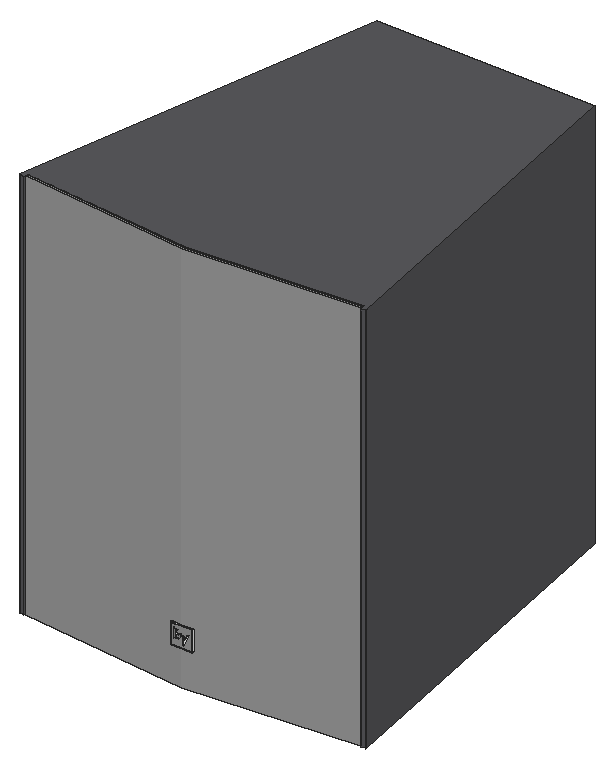
Revit family "EVF-2151D", category Communication Devices, Revit 2017 (continued)
Definition of nested family "InputPanelV"
  Lines and regions (mm)
    model lines, not visible
      curve 126: spline (39.564, -9.5, 61.023) -> (39.573, -9.5, 60.891) -> (39.598, -9.5, 60.761) -> (39.641, -9.5, 60.636) -> (39.699, -9.5, 60.518) -> (39.773, -9.5, 60.408) -> (39.86, -9.5, 60.309) -> (39.959, -9.5, 60.222) -> (40.069, -9.5, 60.149) -> (40.187, -9.5, 60.091) -> (40.312, -9.5, 60.048) -> (40.441, -9.5, 60.022) -> (40.573, -9.5, 60.014)
      curve 127: spline (78.912, -9.5, 85.748) -> (78.904, -9.5, 85.88) -> (78.878, -9.5, 86.01) -> (78.835, -9.5, 86.134) -> (78.777, -9.5, 86.253) -> (78.704, -9.5, 86.363) -> (78.617, -9.5, 86.462) -> (78.518, -9.5, 86.549) -> (78.408, -9.5, 86.622) -> (78.289, -9.5, 86.68) -> (78.164, -9.5, 86.723) -> (78.035, -9.5, 86.749) -> (77.903, -9.5, 86.757)
      curve 128: spline (77.907, -9.5, 60.018) -> (78.038, -9.5, 60.027) -> (78.168, -9.5, 60.053) -> (78.293, -9.5, 60.095) -> (78.411, -9.5, 60.154) -> (78.521, -9.5, 60.227) -> (78.62, -9.5, 60.314) -> (78.707, -9.5, 60.413) -> (78.78, -9.5, 60.523) -> (78.839, -9.5, 60.641) -> (78.881, -9.5, 60.766) -> (78.907, -9.5, 60.896) -> (78.915, -9.5, 61.027)
      curve 129: line (63.979, -9.5, 70.233) -> (63.818, -9.5, 71.221)
      curve 130: line (63.818, -9.5, 71.221) -> (63.359, -9.5, 72.059)
      curve 131: line (63.359, -9.5, 72.059) -> (62.673, -9.5, 72.618)
      curve 132: line (62.673, -9.5, 72.618) -> (61.864, -9.5, 72.815)
      curve 133: line (61.864, -9.5, 72.815) -> (61.054, -9.5, 72.618)
      curve 134: line (61.054, -9.5, 72.618) -> (60.368, -9.5, 72.058)
      curve 135: line (60.368, -9.5, 72.058) -> (59.91, -9.5, 71.221)
      curve 136: line (59.91, -9.5, 71.221) -> (59.749, -9.5, 70.232)
      curve 137: line (59.749, -9.5, 70.232) -> (59.91, -9.5, 69.244)
      curve 138: line (59.91, -9.5, 69.244) -> (60.369, -9.5, 68.407)
      curve 139: line (60.369, -9.5, 68.407) -> (61.055, -9.5, 67.847)
      curve 140: line (61.055, -9.5, 67.847) -> (61.864, -9.5, 67.651)
      curve 141: line (61.864, -9.5, 67.651) -> (62.674, -9.5, 67.847)
      curve 142: line (62.674, -9.5, 67.847) -> (63.36, -9.5, 68.407)
      curve 143: line (63.36, -9.5, 68.407) -> (63.815, -9.5, 69.238)
      curve 144: line (63.818, -9.5, 69.245) -> (64.103, -9.5, 70.233)
      curve 145: line (64.103, -9.5, 70.233) -> (64.794, -9.5, 70.233)
      curve 146: line (64.794, -9.5, 70.233) -> (66.912, -9.5, 70.233)
      curve 147: line (66.912, -9.5, 70.233) -> (66.911, -9.5, 64.008)
      curve 148: line (63.978, -9.5, 82.846) -> (63.817, -9.5, 83.834)
      curve 149: line (63.817, -9.5, 83.834) -> (63.358, -9.5, 84.671)
      curve 150: line (63.358, -9.5, 84.671) -> (62.672, -9.5, 85.231)
      curve 151: line (62.672, -9.5, 85.231) -> (61.862, -9.5, 85.427)
      curve 152: line (61.862, -9.5, 85.427) -> (61.053, -9.5, 85.231)
      curve 153: line (61.053, -9.5, 85.231) -> (60.367, -9.5, 84.671)
      curve 154: line (60.367, -9.5, 84.671) -> (59.908, -9.5, 83.833)
      curve 155: line (59.908, -9.5, 83.833) -> (59.747, -9.5, 82.845)
      curve 156: line (59.747, -9.5, 82.845) -> (59.908, -9.5, 81.857)
      curve 157: line (59.908, -9.5, 81.857) -> (60.367, -9.5, 81.019)
      curve 158: line (60.367, -9.5, 81.019) -> (61.053, -9.5, 80.46)
      curve 159: line (61.053, -9.5, 80.46) -> (61.863, -9.5, 80.263)
      curve 160: line (61.863, -9.5, 80.263) -> (62.672, -9.5, 80.46)
      curve 161: line (62.672, -9.5, 80.46) -> (63.358, -9.5, 81.02)
      curve 162: line (63.358, -9.5, 81.02) -> (63.813, -9.5, 81.851)
      curve 163: line (63.817, -9.5, 81.857) -> (64.101, -9.5, 82.846)
      curve 164: line (64.101, -9.5, 82.846) -> (64.793, -9.5, 82.846)
      curve 165: line (64.793, -9.5, 82.846) -> (66.91, -9.5, 82.846)
      curve 166: line (66.91, -9.5, 82.846) -> (66.909, -9.5, 76.621)
      curve 167: line (63.98, -9.5, 63.927) -> (63.819, -9.5, 64.915)
      curve 168: line (63.819, -9.5, 64.915) -> (63.36, -9.5, 65.752)
      curve 169: line (63.36, -9.5, 65.752) -> (62.674, -9.5, 66.312)
      curve 170: line (62.674, -9.5, 66.312) -> (61.864, -9.5, 66.508)
      curve 171: line (61.864, -9.5, 66.508) -> (61.055, -9.5, 66.312)
      curve 172: line (61.055, -9.5, 66.312) -> (60.369, -9.5, 65.752)
      curve 173: line (60.369, -9.5, 65.752) -> (59.911, -9.5, 64.914)
      curve 174: line (59.911, -9.5, 64.914) -> (59.75, -9.5, 63.926)
      curve 175: line (59.75, -9.5, 63.926) -> (59.911, -9.5, 62.938)
      curve 176: line (59.911, -9.5, 62.938) -> (60.369, -9.5, 62.1)
      curve 177: line (60.369, -9.5, 62.1) -> (61.056, -9.5, 61.541)
      curve 178: line (61.056, -9.5, 61.541) -> (61.865, -9.5, 61.344)
      curve 179: line (61.865, -9.5, 61.344) -> (62.675, -9.5, 61.541)
      curve 180: line (62.675, -9.5, 61.541) -> (63.361, -9.5, 62.101)
      curve 181: line (63.361, -9.5, 62.101) -> (63.815, -9.5, 62.932)
      curve 182: line (63.819, -9.5, 62.938) -> (64.103, -9.5, 63.927)
      curve 183: line (64.103, -9.5, 63.927) -> (64.794, -9.5, 63.927)
      curve 184: line (64.794, -9.5, 63.927) -> (66.912, -9.5, 63.927)
      curve 185: line (66.912, -9.5, 63.927) -> (66.911, -9.5, 60.774)
      curve 186: line (66.911, -9.5, 60.774) -> (65.488, -9.5, 60.774)
      curve 187: line (65.488, -9.5, 60.774) -> (68.6, -9.5, 60.646)
      curve 188: line (68.6, -9.5, 60.646) -> (68.722, -9.5, 60.469)
      curve 189: line (68.722, -9.5, 60.469) -> (65.589, -9.5, 60.469)
      curve 190: line (65.589, -9.5, 60.469) -> (65.467, -9.5, 60.646)
      curve 191: line (63.978, -9.5, 76.539) -> (63.817, -9.5, 77.527)
      curve 192: line (63.817, -9.5, 77.527) -> (63.359, -9.5, 78.365)
      curve 193: line (63.359, -9.5, 78.365) -> (62.672, -9.5, 78.925)
      curve 194: line (62.672, -9.5, 78.925) -> (61.863, -9.5, 79.121)
      curve 195: line (61.863, -9.5, 79.121) -> (61.054, -9.5, 78.924)
      curve 196: line (61.054, -9.5, 78.924) -> (60.367, -9.5, 78.365)
      curve 197: line (60.367, -9.5, 78.365) -> (59.909, -9.5, 77.527)
      curve 198: line (59.909, -9.5, 77.527) -> (59.748, -9.5, 76.539)
      curve 199: line (59.748, -9.5, 76.539) -> (59.909, -9.5, 75.551)
      curve 200: line (59.909, -9.5, 75.551) -> (60.368, -9.5, 74.713)
      curve 201: line (60.368, -9.5, 74.713) -> (61.054, -9.5, 74.153)
      curve 202: line (61.054, -9.5, 74.153) -> (61.864, -9.5, 73.957)
      curve 203: line (61.864, -9.5, 73.957) -> (62.673, -9.5, 74.153)
      curve 204: line (62.673, -9.5, 74.153) -> (63.359, -9.5, 74.713)
      curve 205: line (63.359, -9.5, 74.713) -> (63.814, -9.5, 75.544)
      curve 206: line (63.818, -9.5, 75.551) -> (64.101, -9.5, 76.539)
      curve 207: line (64.101, -9.5, 76.539) -> (64.793, -9.5, 76.539)
      curve 208: line (64.793, -9.5, 76.539) -> (66.91, -9.5, 76.54)
      curve 209: line (66.91, -9.5, 76.54) -> (66.91, -9.5, 70.344)
      curve 210: line (61.049, -9.5, 85.998) -> (60.837, -9.5, 85.998)
      curve 211: line (60.837, -9.5, 85.998) -> (60.837, -9.5, 85.655)
      curve 212: line (60.916, -9.5, 85.517) -> (61.049, -9.5, 85.391)
      curve 213: line (61.049, -9.5, 85.391) -> (61.049, -9.5, 85.998)
      curve 214: line (61.049, -9.5, 85.998) -> (62.676, -9.5, 85.999)
      curve 215: line (62.676, -9.5, 85.999) -> (62.676, -9.5, 85.392)
      curve 216: line (62.676, -9.5, 79.084) -> (62.676, -9.5, 80.299)
      curve 217: line (62.677, -9.5, 72.779) -> (62.677, -9.5, 73.994)
      curve 218: line (62.678, -9.5, 66.472) -> (62.678, -9.5, 67.687)
      curve 219: line (61.052, -9.5, 60.773) -> (60.84, -9.5, 60.773)
      curve 220: line (60.84, -9.5, 60.773) -> (60.84, -9.5, 61.139)
      curve 221: line (60.918, -9.5, 61.255) -> (61.052, -9.5, 61.381)
      curve 222: line (61.052, -9.5, 61.381) -> (61.052, -9.5, 60.773)
      curve 223: line (61.052, -9.5, 60.773) -> (62.679, -9.5, 60.773)
      curve 224: line (62.679, -9.5, 60.773) -> (62.679, -9.5, 61.381)
      curve 225: line (60.839, -9.5, 66.735) -> (60.842, -9.5, 67.413)
      curve 226: line (60.918, -9.5, 67.56) -> (61.051, -9.5, 67.686)
      curve 227: line (61.051, -9.5, 67.686) -> (61.051, -9.5, 66.471)
      curve 228: line (61.051, -9.5, 66.471) -> (60.918, -9.5, 66.598)
      curve 229: line (61.05, -9.5, 72.779) -> (61.05, -9.5, 73.994)
      curve 230: line (61.05, -9.5, 73.994) -> (60.917, -9.5, 73.867)
      curve 231: line (60.838, -9.5, 73.752) -> (60.838, -9.5, 73.043)
      curve 232: line (60.917, -9.5, 72.905) -> (61.05, -9.5, 72.779)
      curve 233: line (60.838, -9.5, 79.348) -> (60.841, -9.5, 80.026)
      curve 234: line (60.916, -9.5, 80.173) -> (61.049, -9.5, 80.299)
      curve 235: line (61.049, -9.5, 80.299) -> (61.049, -9.5, 79.084)
      curve 236: line (61.049, -9.5, 79.084) -> (60.916, -9.5, 79.21)
      curve 237: line (65.486, -9.5, 73.675) -> (63.369, -9.5, 73.675)
      curve 238: line (63.369, -9.5, 73.675) -> (63.369, -9.5, 73.098)
      curve 239: line (63.369, -9.5, 73.098) -> (65.486, -9.5, 73.099)
      curve 240: line (65.486, -9.5, 73.099) -> (65.486, -9.5, 73.675)
      curve 241: line (65.487, -9.5, 67.368) -> (65.487, -9.5, 66.791)
      curve 242: line (65.487, -9.5, 66.791) -> (63.37, -9.5, 66.791)
      curve 243: line (63.37, -9.5, 66.791) -> (63.369, -9.5, 67.367)
      curve 244: line (63.369, -9.5, 67.367) -> (65.487, -9.5, 67.368)
      curve 245: line (65.485, -9.5, 79.98) -> (65.485, -9.5, 79.404)
      curve 246: line (65.485, -9.5, 79.404) -> (63.368, -9.5, 79.404)
      curve 247: line (63.368, -9.5, 79.404) -> (63.368, -9.5, 79.98)
      curve 248: line (63.368, -9.5, 79.98) -> (65.485, -9.5, 79.98)
      curve 249: line (63.37, -9.5, 60.773) -> (65.488, -9.5, 60.774)
      curve 250: line (65.488, -9.5, 60.774) -> (65.488, -9.5, 61.062)
      curve 251: line (65.488, -9.5, 61.062) -> (63.37, -9.5, 61.062)
      curve 252: line (63.37, -9.5, 61.062) -> (63.37, -9.5, 60.773)
      curve 253: line (63.37, -9.5, 60.773) -> (62.679, -9.5, 60.773)
      curve 254: line (62.676, -9.5, 85.999) -> (63.367, -9.5, 85.999)
      curve 255: line (63.367, -9.5, 85.999) -> (63.367, -9.5, 85.711)
      curve 256: line (63.367, -9.5, 85.711) -> (65.485, -9.5, 85.711)
      curve 257: line (65.485, -9.5, 85.711) -> (65.485, -9.5, 85.999)
      curve 258: line (65.485, -9.5, 85.999) -> (63.367, -9.5, 85.999)
      curve 259: line (63.973, -9.5, 63.722) -> (62.18, -9.5, 65.91)
      curve 260: line (62.18, -9.5, 65.91) -> (62.671, -9.5, 66.243)
      curve 261: line (63.973, -9.5, 70.028) -> (62.179, -9.5, 72.217)
      curve 262: line (62.179, -9.5, 72.217) -> (62.67, -9.5, 72.549)
      curve 263: line (63.946, -9.5, 63.467) -> (62.347, -9.5, 65.419)
      curve 264: line (62.347, -9.5, 65.419) -> (61.777, -9.5, 65.419)
      curve 265: line (61.777, -9.5, 65.419) -> (63.815, -9.5, 62.932)
      curve 266: line (63.945, -9.5, 69.773) -> (62.346, -9.5, 71.725)
      curve 267: line (62.346, -9.5, 71.725) -> (61.777, -9.5, 71.725)
      curve 268: line (61.777, -9.5, 71.725) -> (63.815, -9.5, 69.238)
      curve 269: line (63.945, -9.5, 76.08) -> (62.345, -9.5, 78.032)
      curve 270: line (62.345, -9.5, 78.032) -> (61.776, -9.5, 78.031)
      curve 271: line (61.776, -9.5, 78.031) -> (63.814, -9.5, 75.544)
      curve 272: line (63.972, -9.5, 76.334) -> (62.178, -9.5, 78.523)
      curve 273: line (62.178, -9.5, 78.523) -> (62.669, -9.5, 78.856)
      curve 274: line (63.971, -9.5, 82.641) -> (62.178, -9.5, 84.829)
      curve 275: line (62.178, -9.5, 84.829) -> (62.669, -9.5, 85.162)
      curve 276: line (63.944, -9.5, 82.386) -> (62.345, -9.5, 84.338)
      curve 277: line (62.345, -9.5, 84.338) -> (61.775, -9.5, 84.338)
      curve 278: line (61.775, -9.5, 84.338) -> (63.813, -9.5, 81.851)
      curve 279: line (66.909, -9.5, 82.956) -> (66.908, -9.5, 85.999)
      curve 280: line (66.908, -9.5, 85.999) -> (72.332, -9.5, 86)
      curve 281: line (72.332, -9.5, 86) -> (72.335, -9.5, 60.774)
      curve 282: line (72.335, -9.5, 60.774) -> (66.911, -9.5, 60.774)
      curve 283: line (65.485, -9.5, 85.999) -> (66.908, -9.5, 85.999)
      curve 284: line (72.332, -9.5, 86) -> (72.658, -9.5, 86)
      curve 285: line (72.658, -9.5, 86) -> (72.661, -9.5, 60.775)
      curve 286: line (72.661, -9.5, 60.775) -> (72.335, -9.5, 60.774)
      curve 287: line (72.335, -9.5, 60.774) -> (72.464, -9.5, 60.647)
      curve 288: line (72.464, -9.5, 60.647) -> (72.586, -9.5, 60.47)
      curve 289: line (73.116, -9.5, 67.379) -> (73.115, -9.5, 72.891)
      curve 290: line (73.115, -9.5, 72.891) -> (77.33, -9.5, 72.891)
      curve 291: line (77.33, -9.5, 72.891) -> (77.331, -9.5, 67.379)
      curve 292: line (77.331, -9.5, 67.379) -> (73.116, -9.5, 67.379)
      curve 293: line (77.331, -9.5, 66.783) -> (77.332, -9.5, 61.272)
      curve 294: line (77.332, -9.5, 61.272) -> (73.116, -9.5, 61.271)
      curve 295: line (73.116, -9.5, 61.271) -> (73.116, -9.5, 66.783)
      curve 296: line (73.116, -9.5, 66.783) -> (77.331, -9.5, 66.783)
      curve 297: line (72.661, -9.5, 60.775) -> (77.787, -9.5, 60.775)
      curve 298: line (77.787, -9.5, 60.775) -> (77.784, -9.5, 86)
      curve 299: line (77.784, -9.5, 86) -> (72.658, -9.5, 86)
      curve 300: line (73.114, -9.5, 79.991) -> (73.113, -9.5, 85.503)
      curve 301: line (73.113, -9.5, 85.503) -> (77.329, -9.5, 85.504)
      curve 302: line (77.329, -9.5, 85.504) -> (77.329, -9.5, 79.992)
      curve 303: line (77.329, -9.5, 79.992) -> (73.114, -9.5, 79.991)
      curve 304: line (77.329, -9.5, 79.396) -> (77.33, -9.5, 73.884)
      curve 305: line (77.33, -9.5, 73.884) -> (73.115, -9.5, 73.884)
      curve 306: line (73.115, -9.5, 73.884) -> (73.114, -9.5, 79.396)
      curve 307: line (73.114, -9.5, 79.396) -> (77.329, -9.5, 79.396)
      curve 308: line (73.114, -9.5, 81.158) -> (74.522, -9.5, 81.159)
      curve 309: line (74.522, -9.5, 81.159) -> (74.848, -9.5, 80.47)
      curve 310: line (74.848, -9.5, 80.47) -> (75.233, -9.5, 79.992)
      curve 311: line (73.116, -9.5, 68.546) -> (74.524, -9.5, 68.546)
      curve 312: line (74.524, -9.5, 68.546) -> (74.849, -9.5, 67.858)
      curve 313: line (74.849, -9.5, 67.858) -> (75.235, -9.5, 67.379)
      curve 314: line (73.114, -9.5, 78.229) -> (74.523, -9.5, 78.229)
      curve 315: line (74.523, -9.5, 78.229) -> (74.848, -9.5, 78.917)
      curve 316: line (74.848, -9.5, 78.917) -> (75.233, -9.5, 79.396)
      curve 317: line (73.116, -9.5, 65.616) -> (74.524, -9.5, 65.616)
      curve 318: line (74.524, -9.5, 65.616) -> (74.85, -9.5, 66.304)
      curve 319: line (74.85, -9.5, 66.304) -> (75.235, -9.5, 66.783)
      curve 320: line (73.116, -9.5, 62.239) -> (74.525, -9.5, 62.24)
      curve 321: line (74.525, -9.5, 62.24) -> (74.85, -9.5, 61.552)
      curve 322: line (74.85, -9.5, 61.552) -> (75.076, -9.5, 61.271)
      curve 323: line (73.115, -9.5, 74.852) -> (74.523, -9.5, 74.852)
      curve 324: line (74.523, -9.5, 74.852) -> (74.849, -9.5, 74.164)
      curve 325: line (74.849, -9.5, 74.164) -> (75.074, -9.5, 73.884)
      curve 326: line (73.115, -9.5, 71.922) -> (74.524, -9.5, 71.923)
      curve 327: line (74.524, -9.5, 71.923) -> (74.849, -9.5, 72.611)
      curve 328: line (75.074, -9.5, 72.891) -> (74.849, -9.5, 72.611)
      curve 329: line (74.849, -9.5, 72.611) -> (74.849, -9.5, 67.858)
      curve 330: line (73.114, -9.5, 84.535) -> (74.522, -9.5, 84.535)
      curve 331: line (74.522, -9.5, 84.535) -> (74.847, -9.5, 85.223)
      curve 332: line (74.847, -9.5, 85.223) -> (74.848, -9.5, 80.47)
      curve 333: line (75.073, -9.5, 85.503) -> (74.847, -9.5, 85.223)
      curve 334: line (74.524, -9.5, 65.616) -> (74.525, -9.5, 62.24)
      curve 335: line (74.523, -9.5, 78.229) -> (74.523, -9.5, 74.852)
      curve 336: line (74.524, -9.5, 68.546) -> (74.524, -9.5, 71.923)
      curve 337: line (74.522, -9.5, 81.159) -> (74.522, -9.5, 84.535)
      curve 338: line (72.586, -9.5, 60.208) -> (75.719, -9.5, 60.209)
      curve 339: line (75.719, -9.5, 60.209) -> (75.719, -9.5, 60.47)
      curve 340: line (75.719, -9.5, 60.47) -> (72.586, -9.5, 60.47)
      curve 341: line (72.586, -9.5, 60.47) -> (72.586, -9.5, 60.208)
      curve 342: line (72.586, -9.5, 60.208) -> (72.005, -9.5, 60.208)
      curve 343: line (72.005, -9.5, 60.208) -> (72.005, -9.5, 60.47)
      curve 344: line (72.005, -9.5, 60.47) -> (72.127, -9.5, 60.774)
      curve 345: line (72.464, -9.5, 60.647) -> (75.597, -9.5, 60.647)
      curve 346: line (75.597, -9.5, 60.647) -> (75.719, -9.5, 60.47)
      curve 347: line (76.233, -9.5, 66.783) -> (76.233, -9.5, 61.272)
      curve 348: line (76.231, -9.5, 79.396) -> (76.232, -9.5, 73.884)
      curve 349: line (76.232, -9.5, 72.891) -> (76.233, -9.5, 67.379)
      curve 350: line (76.23, -9.5, 85.504) -> (76.231, -9.5, 79.992)
      curve 351: line (74.85, -9.5, 66.304) -> (74.85, -9.5, 61.552)
      curve 352: line (74.848, -9.5, 78.917) -> (74.849, -9.5, 74.164)
      curve 353: line (65.589, -9.5, 60.469) -> (65.589, -9.5, 60.208)
      curve 354: line (65.589, -9.5, 60.208) -> (65.009, -9.5, 60.207)
      curve 355: line (65.009, -9.5, 60.207) -> (65.009, -9.5, 60.469)
      curve 356: line (65.009, -9.5, 60.469) -> (65.131, -9.5, 60.646)
      curve 357: line (65.589, -9.5, 60.208) -> (68.722, -9.5, 60.208)
      curve 358: line (68.722, -9.5, 60.208) -> (68.722, -9.5, 60.469)
      curve 359: line (54.498, -9.5, 76.538) -> (54.659, -9.5, 75.55)
      curve 360: line (54.659, -9.5, 75.55) -> (55.117, -9.5, 74.712)
      curve 361: line (55.117, -9.5, 74.712) -> (55.804, -9.5, 74.153)
      curve 362: line (55.804, -9.5, 74.153) -> (56.613, -9.5, 73.956)
      curve 363: line (56.613, -9.5, 73.956) -> (57.422, -9.5, 74.153)
      curve 364: line (57.422, -9.5, 74.153) -> (58.109, -9.5, 74.713)
      curve 365: line (58.109, -9.5, 74.713) -> (58.567, -9.5, 75.55)
      curve 366: line (58.567, -9.5, 75.55) -> (58.728, -9.5, 76.539)
      curve 367: line (58.728, -9.5, 76.539) -> (58.567, -9.5, 77.527)
      curve 368: line (58.567, -9.5, 77.527) -> (58.108, -9.5, 78.364)
      curve 369: line (58.108, -9.5, 78.364) -> (57.422, -9.5, 78.924)
      curve 370: line (57.422, -9.5, 78.924) -> (56.612, -9.5, 79.12)
      curve 371: line (56.612, -9.5, 79.12) -> (55.803, -9.5, 78.924)
      curve 372: line (55.803, -9.5, 78.924) -> (55.117, -9.5, 78.364)
      curve 373: line (55.117, -9.5, 78.364) -> (54.662, -9.5, 77.533)
      curve 374: line (54.659, -9.5, 77.526) -> (54.374, -9.5, 76.538)
      curve 375: line (54.374, -9.5, 76.538) -> (53.682, -9.5, 76.538)
      curve 376: line (53.682, -9.5, 76.538) -> (51.565, -9.5, 76.538)
      curve 377: line (51.565, -9.5, 76.538) -> (51.566, -9.5, 82.763)
      curve 378: line (54.499, -9.5, 63.925) -> (54.66, -9.5, 62.937)
      curve 379: line (54.66, -9.5, 62.937) -> (55.119, -9.5, 62.1)
      curve 380: line (55.119, -9.5, 62.1) -> (55.805, -9.5, 61.54)
      curve 381: line (55.805, -9.5, 61.54) -> (56.615, -9.5, 61.344)
      curve 382: line (56.615, -9.5, 61.344) -> (57.424, -9.5, 61.54)
      curve 383: line (57.424, -9.5, 61.54) -> (58.11, -9.5, 62.1)
      curve 384: line (58.11, -9.5, 62.1) -> (58.569, -9.5, 62.938)
      curve 385: line (58.569, -9.5, 62.938) -> (58.729, -9.5, 63.926)
      curve 386: line (58.729, -9.5, 63.926) -> (58.568, -9.5, 64.914)
      curve 387: line (58.568, -9.5, 64.914) -> (58.11, -9.5, 65.752)
      curve 388: line (58.11, -9.5, 65.752) -> (57.423, -9.5, 66.311)
      curve 389: line (57.423, -9.5, 66.311) -> (56.614, -9.5, 66.508)
      curve 390: line (56.614, -9.5, 66.508) -> (55.805, -9.5, 66.311)
      curve 391: line (55.805, -9.5, 66.311) -> (55.118, -9.5, 65.751)
      curve 392: line (55.118, -9.5, 65.751) -> (54.664, -9.5, 64.92)
      curve 393: line (54.66, -9.5, 64.914) -> (54.376, -9.5, 63.925)
      curve 394: line (54.376, -9.5, 63.925) -> (53.684, -9.5, 63.925)
      curve 395: line (53.684, -9.5, 63.925) -> (51.566, -9.5, 63.925)
      curve 396: line (51.566, -9.5, 63.925) -> (51.567, -9.5, 70.15)
      curve 397: line (54.497, -9.5, 82.844) -> (54.658, -9.5, 81.856)
      curve 398: line (54.658, -9.5, 81.856) -> (55.117, -9.5, 81.019)
      curve 399: line (55.117, -9.5, 81.019) -> (55.803, -9.5, 80.459)
      curve 400: line (55.803, -9.5, 80.459) -> (56.612, -9.5, 80.263)
      curve 401: line (56.612, -9.5, 80.263) -> (57.422, -9.5, 80.459)
      curve 402: line (57.422, -9.5, 80.459) -> (58.108, -9.5, 81.019)
      curve 403: line (58.108, -9.5, 81.019) -> (58.566, -9.5, 81.857)
      curve 404: line (58.566, -9.5, 81.857) -> (58.727, -9.5, 82.845)
      curve 405: line (58.727, -9.5, 82.845) -> (58.566, -9.5, 83.833)
      curve 406: line (58.566, -9.5, 83.833) -> (58.107, -9.5, 84.671)
      curve 407: line (58.107, -9.5, 84.671) -> (57.421, -9.5, 85.23)
      curve 408: line (57.421, -9.5, 85.23) -> (56.612, -9.5, 85.427)
      curve 409: line (56.612, -9.5, 85.427) -> (55.802, -9.5, 85.23)
      curve 410: line (55.802, -9.5, 85.23) -> (55.116, -9.5, 84.67)
      curve 411: line (55.116, -9.5, 84.67) -> (54.661, -9.5, 83.839)
      curve 412: line (54.658, -9.5, 83.833) -> (54.374, -9.5, 82.844)
      curve 413: line (54.374, -9.5, 82.844) -> (53.682, -9.5, 82.844)
      curve 414: line (53.682, -9.5, 82.844) -> (51.565, -9.5, 82.844)
      curve 415: line (51.565, -9.5, 82.844) -> (51.565, -9.5, 85.997)
      curve 416: line (54.498, -9.5, 70.232) -> (54.66, -9.5, 69.244)
      curve 417: line (54.66, -9.5, 69.244) -> (55.118, -9.5, 68.406)
      curve 418: line (55.118, -9.5, 68.406) -> (55.804, -9.5, 67.846)
      curve 419: line (55.804, -9.5, 67.846) -> (56.614, -9.5, 67.65)
      curve 420: line (56.614, -9.5, 67.65) -> (57.423, -9.5, 67.847)
      curve 421: line (57.423, -9.5, 67.847) -> (58.109, -9.5, 68.406)
      curve 422: line (58.109, -9.5, 68.406) -> (58.568, -9.5, 69.244)
      curve 423: line (58.568, -9.5, 69.244) -> (58.729, -9.5, 70.232)
      curve 424: line (58.729, -9.5, 70.232) -> (58.568, -9.5, 71.22)
      curve 425: line (58.568, -9.5, 71.22) -> (58.109, -9.5, 72.058)
      curve 426: line (58.109, -9.5, 72.058) -> (57.423, -9.5, 72.618)
      curve 427: line (57.423, -9.5, 72.618) -> (56.613, -9.5, 72.814)
      curve 428: line (56.613, -9.5, 72.814) -> (55.804, -9.5, 72.617)
      curve 429: line (55.804, -9.5, 72.617) -> (55.118, -9.5, 72.058)
      curve 430: line (55.118, -9.5, 72.058) -> (54.663, -9.5, 71.227)
      curve 431: line (54.659, -9.5, 71.22) -> (54.376, -9.5, 70.232)
      curve 432: line (54.376, -9.5, 70.232) -> (53.684, -9.5, 70.232)
      curve 433: line (53.684, -9.5, 70.232) -> (51.566, -9.5, 70.231)
      curve 434: line (51.566, -9.5, 70.231) -> (51.567, -9.5, 76.427)
      curve 435: line (57.428, -9.5, 60.773) -> (57.64, -9.5, 60.773)
      curve 436: line (57.64, -9.5, 60.773) -> (57.64, -9.5, 61.116)
      curve 437: line (57.561, -9.5, 61.254) -> (57.428, -9.5, 61.38)
      curve 438: line (57.428, -9.5, 61.38) -> (57.428, -9.5, 60.773)
      curve 439: line (57.428, -9.5, 60.773) -> (55.801, -9.5, 60.772)
      curve 440: line (55.801, -9.5, 60.772) -> (55.801, -9.5, 61.379)
      curve 441: line (55.8, -9.5, 67.687) -> (55.8, -9.5, 66.472)
      curve 442: line (55.8, -9.5, 73.992) -> (55.8, -9.5, 72.777)
      curve 443: line (55.799, -9.5, 80.299) -> (55.799, -9.5, 79.084)
      curve 444: line (57.425, -9.5, 85.998) -> (57.637, -9.5, 85.998)
      curve 445: line (57.637, -9.5, 85.998) -> (57.637, -9.5, 85.632)
      curve 446: line (57.558, -9.5, 85.516) -> (57.425, -9.5, 85.39)
      curve 447: line (57.425, -9.5, 85.39) -> (57.425, -9.5, 85.998)
      curve 448: line (57.425, -9.5, 85.998) -> (55.798, -9.5, 85.998)
      curve 449: line (55.798, -9.5, 85.998) -> (55.798, -9.5, 85.39)
      curve 450: line (57.638, -9.5, 80.036) -> (57.634, -9.5, 79.358)
      curve 451: line (57.559, -9.5, 79.211) -> (57.426, -9.5, 79.085)
      curve 452: line (57.426, -9.5, 79.085) -> (57.426, -9.5, 80.3)
      curve 453: line (57.426, -9.5, 80.3) -> (57.559, -9.5, 80.173)
      curve 454: line (57.427, -9.5, 73.992) -> (57.427, -9.5, 72.777)
      curve 455: line (57.427, -9.5, 72.777) -> (57.56, -9.5, 72.903)
      curve 456: line (57.638, -9.5, 73.019) -> (57.638, -9.5, 73.728)
      curve 457: line (57.56, -9.5, 73.866) -> (57.427, -9.5, 73.992)
      curve 458: line (57.639, -9.5, 67.423) -> (57.636, -9.5, 66.745)
      curve 459: line (57.561, -9.5, 66.598) -> (57.428, -9.5, 66.472)
      curve 460: line (57.428, -9.5, 66.472) -> (57.427, -9.5, 67.687)
      curve 461: line (57.427, -9.5, 67.687) -> (57.561, -9.5, 67.561)
      curve 462: line (52.991, -9.5, 73.096) -> (55.108, -9.5, 73.096)
      curve 463: line (55.108, -9.5, 73.096) -> (55.108, -9.5, 73.673)
      curve 464: line (55.108, -9.5, 73.673) -> (52.991, -9.5, 73.672)
      curve 465: line (52.991, -9.5, 73.672) -> (52.991, -9.5, 73.096)
      curve 466: line (52.99, -9.5, 79.403) -> (52.99, -9.5, 79.98)
      curve 467: line (52.99, -9.5, 79.98) -> (55.107, -9.5, 79.98)
      curve 468: line (55.107, -9.5, 79.98) -> (55.107, -9.5, 79.404)
      curve 469: line (55.107, -9.5, 79.404) -> (52.99, -9.5, 79.403)
      curve 470: line (52.991, -9.5, 66.791) -> (52.991, -9.5, 67.367)
      curve 471: line (52.991, -9.5, 67.367) -> (55.109, -9.5, 67.367)
      curve 472: line (55.109, -9.5, 67.367) -> (55.109, -9.5, 66.791)
      curve 473: line (55.109, -9.5, 66.791) -> (52.991, -9.5, 66.791)
      curve 474: line (55.107, -9.5, 85.998) -> (52.989, -9.5, 85.997)
      curve 475: line (52.989, -9.5, 85.997) -> (52.989, -9.5, 85.709)
      curve 476: line (52.989, -9.5, 85.709) -> (55.107, -9.5, 85.709)
      curve 477: line (55.107, -9.5, 85.709) -> (55.107, -9.5, 85.998)
      curve 478: line (55.107, -9.5, 85.998) -> (55.798, -9.5, 85.998)
      curve 479: line (55.801, -9.5, 60.772) -> (55.11, -9.5, 60.772)
      curve 480: line (55.11, -9.5, 60.772) -> (55.11, -9.5, 61.06)
      curve 481: line (55.11, -9.5, 61.06) -> (52.992, -9.5, 61.06)
      curve 482: line (52.992, -9.5, 61.06) -> (52.992, -9.5, 60.772)
      curve 483: line (52.992, -9.5, 60.772) -> (55.11, -9.5, 60.772)
      curve 484: line (54.504, -9.5, 76.743) -> (56.298, -9.5, 74.554)
      curve 485: line (56.298, -9.5, 74.554) -> (55.807, -9.5, 74.222)
      curve 486: line (54.503, -9.5, 83.049) -> (56.297, -9.5, 80.86)
      curve 487: line (56.297, -9.5, 80.86) -> (55.806, -9.5, 80.528)
      curve 488: line (54.531, -9.5, 76.998) -> (56.131, -9.5, 75.046)
      curve 489: line (56.131, -9.5, 75.046) -> (56.7, -9.5, 75.046)
      curve 490: line (56.7, -9.5, 75.046) -> (54.662, -9.5, 77.533)
      curve 491: line (54.531, -9.5, 83.304) -> (56.13, -9.5, 81.352)
      curve 492: line (56.13, -9.5, 81.352) -> (56.699, -9.5, 81.352)
      curve 493: line (56.699, -9.5, 81.352) -> (54.661, -9.5, 83.839)
      curve 494: line (54.505, -9.5, 70.437) -> (56.298, -9.5, 68.248)
      curve 495: line (56.298, -9.5, 68.248) -> (55.807, -9.5, 67.915)
      curve 496: line (54.506, -9.5, 64.13) -> (56.299, -9.5, 61.942)
      curve 497: line (56.299, -9.5, 61.942) -> (55.808, -9.5, 61.609)
      curve 498: line (54.533, -9.5, 64.385) -> (56.132, -9.5, 62.433)
      curve 499: line (56.132, -9.5, 62.433) -> (56.702, -9.5, 62.433)
      curve 500: line (56.702, -9.5, 62.433) -> (54.664, -9.5, 64.92)
      curve 501: line (54.532, -9.5, 70.691) -> (56.131, -9.5, 68.739)
      curve 502: line (56.131, -9.5, 68.739) -> (56.701, -9.5, 68.739)
      curve 503: line (56.701, -9.5, 68.739) -> (54.663, -9.5, 71.227)
      curve 504: line (51.568, -9.5, 63.815) -> (51.568, -9.5, 60.772)
      curve 505: line (51.568, -9.5, 60.772) -> (46.145, -9.5, 60.771)
      curve 506: line (46.145, -9.5, 60.771) -> (46.141, -9.5, 85.996)
      curve 507: line (46.141, -9.5, 85.996) -> (51.565, -9.5, 85.997)
      curve 508: line (51.565, -9.5, 85.997) -> (52.989, -9.5, 85.997)
      curve 509: line (52.989, -9.5, 85.997) -> (49.876, -9.5, 86.125)
      curve 510: line (49.876, -9.5, 86.125) -> (49.754, -9.5, 86.302)
      curve 511: line (52.992, -9.5, 60.772) -> (51.568, -9.5, 60.772)
      curve 512: line (45.361, -9.5, 79.392) -> (45.362, -9.5, 73.88)
      curve 513: line (45.362, -9.5, 73.88) -> (41.147, -9.5, 73.88)
      curve 514: line (41.147, -9.5, 73.88) -> (41.146, -9.5, 79.392)
      curve 515: line (41.146, -9.5, 79.392) -> (45.361, -9.5, 79.392)
      curve 516: line (41.146, -9.5, 79.988) -> (41.145, -9.5, 85.499)
      curve 517: line (41.145, -9.5, 85.499) -> (45.36, -9.5, 85.5)
      curve 518: line (45.36, -9.5, 85.5) -> (45.361, -9.5, 79.988)
      curve 519: line (45.361, -9.5, 79.988) -> (41.146, -9.5, 79.988)
      curve 520: line (45.819, -9.5, 60.771) -> (45.816, -9.5, 85.996)
      curve 521: line (45.816, -9.5, 85.996) -> (40.689, -9.5, 85.996)
      curve 522: line (40.689, -9.5, 85.996) -> (40.692, -9.5, 60.771)
      curve 523: line (40.692, -9.5, 60.771) -> (45.819, -9.5, 60.771)
      curve 524: line (45.819, -9.5, 60.771) -> (46.145, -9.5, 60.771)
      curve 525: line (45.363, -9.5, 66.78) -> (45.363, -9.5, 61.268)
      curve 526: line (45.363, -9.5, 61.268) -> (41.148, -9.5, 61.267)
      curve 527: line (41.148, -9.5, 61.267) -> (41.147, -9.5, 66.779)
      curve 528: line (41.147, -9.5, 66.779) -> (45.363, -9.5, 66.78)
      curve 529: line (41.147, -9.5, 67.375) -> (41.147, -9.5, 72.887)
      curve 530: line (41.147, -9.5, 72.887) -> (45.362, -9.5, 72.887)
      curve 531: line (45.362, -9.5, 72.887) -> (45.363, -9.5, 67.375)
      curve 532: line (45.363, -9.5, 67.375) -> (41.147, -9.5, 67.375)
      curve 533: line (45.816, -9.5, 85.996) -> (46.141, -9.5, 85.996)
      curve 534: line (46.141, -9.5, 85.996) -> (42.88, -9.5, 86.124)
      curve 535: line (42.88, -9.5, 86.124) -> (42.758, -9.5, 86.301)
      curve 536: line (42.758, -9.5, 86.301) -> (45.891, -9.5, 86.301)
      curve 537: line (45.891, -9.5, 86.301) -> (46.013, -9.5, 86.124)
      curve 538: line (45.361, -9.5, 78.225) -> (43.953, -9.5, 78.225)
      curve 539: line (43.953, -9.5, 78.225) -> (43.627, -9.5, 78.913)
      curve 540: line (43.627, -9.5, 78.913) -> (43.242, -9.5, 79.392)
      curve 541: line (45.363, -9.5, 65.613) -> (43.954, -9.5, 65.612)
      curve 542: line (43.954, -9.5, 65.612) -> (43.629, -9.5, 66.3)
      curve 543: line (43.629, -9.5, 66.3) -> (43.244, -9.5, 66.779)
      curve 544: line (45.362, -9.5, 68.542) -> (43.954, -9.5, 68.542)
      curve 545: line (43.954, -9.5, 68.542) -> (43.629, -9.5, 67.854)
      curve 546: line (43.629, -9.5, 67.854) -> (43.244, -9.5, 67.375)
      curve 547: line (45.361, -9.5, 81.155) -> (43.952, -9.5, 81.155)
      curve 548: line (43.952, -9.5, 81.155) -> (43.627, -9.5, 80.467)
      curve 549: line (43.627, -9.5, 80.467) -> (43.242, -9.5, 79.988)
      curve 550: line (45.362, -9.5, 71.919) -> (43.954, -9.5, 71.919)
      curve 551: line (43.954, -9.5, 71.919) -> (43.628, -9.5, 72.607)
      curve 552: line (43.628, -9.5, 72.607) -> (43.403, -9.5, 72.887)
      curve 553: line (45.361, -9.5, 84.532) -> (43.952, -9.5, 84.531)
      curve 554: line (43.952, -9.5, 84.531) -> (43.627, -9.5, 85.219)
      curve 555: line (43.627, -9.5, 85.219) -> (43.401, -9.5, 85.5)
      curve 556: line (45.362, -9.5, 74.849) -> (43.953, -9.5, 74.848)
      curve 557: line (43.953, -9.5, 74.848) -> (43.628, -9.5, 74.16)
      curve 558: line (43.403, -9.5, 73.88) -> (43.628, -9.5, 74.16)
      curve 559: line (43.628, -9.5, 74.16) -> (43.627, -9.5, 78.913)
      curve 560: line (45.363, -9.5, 62.236) -> (43.955, -9.5, 62.236)
      curve 561: line (43.955, -9.5, 62.236) -> (43.629, -9.5, 61.548)
      curve 562: line (43.629, -9.5, 61.548) -> (43.629, -9.5, 66.3)
      curve 563: line (43.404, -9.5, 61.267) -> (43.629, -9.5, 61.548)
      curve 564: line (43.954, -9.5, 68.542) -> (43.954, -9.5, 71.919)
      curve 565: line (43.952, -9.5, 81.155) -> (43.952, -9.5, 84.531)
      curve 566: line (43.954, -9.5, 65.612) -> (43.955, -9.5, 62.236)
      curve 567: line (43.953, -9.5, 78.225) -> (43.953, -9.5, 74.848)
      curve 568: line (45.891, -9.5, 86.301) -> (45.891, -9.5, 86.563)
      curve 569: line (45.891, -9.5, 86.563) -> (42.758, -9.5, 86.562)
      curve 570: line (42.758, -9.5, 86.562) -> (42.758, -9.5, 86.301)
      curve 571: line (45.891, -9.5, 86.563) -> (46.472, -9.5, 86.563)
      curve 572: line (46.472, -9.5, 86.563) -> (46.472, -9.5, 86.301)
      curve 573: line (46.472, -9.5, 86.301) -> (46.35, -9.5, 86.124)
      curve 574: line (42.244, -9.5, 79.988) -> (42.243, -9.5, 85.499)
      curve 575: line (42.246, -9.5, 67.375) -> (42.245, -9.5, 72.887)
      curve 576: line (42.246, -9.5, 61.267) -> (42.246, -9.5, 66.779)
      curve 577: line (42.245, -9.5, 73.88) -> (42.244, -9.5, 79.392)
      curve 578: line (43.629, -9.5, 67.854) -> (43.628, -9.5, 72.607)
      curve 579: line (43.627, -9.5, 80.467) -> (43.627, -9.5, 85.219)
      curve 580: line (52.887, -9.5, 86.302) -> (53.009, -9.5, 86.125)
      curve 581: line (52.887, -9.5, 86.563) -> (52.887, -9.5, 86.302)
      curve 582: line (52.887, -9.5, 86.302) -> (49.754, -9.5, 86.302)
      curve 583: line (49.754, -9.5, 86.302) -> (49.754, -9.5, 86.563)
      curve 584: line (49.754, -9.5, 86.563) -> (52.887, -9.5, 86.563)
      curve 585: line (52.887, -9.5, 86.563) -> (53.468, -9.5, 86.563)
      curve 586: line (53.468, -9.5, 86.563) -> (53.468, -9.5, 86.302)
      curve 587: line (53.468, -9.5, 86.302) -> (53.346, -9.5, 86.125)
      curve 588: line (78.97, -9.5, 60.972) -> (78.967, -9.5, 85.803)
      curve 589: line (78.912, -9.5, 85.748) -> (78.915, -9.5, 61.027)
      curve 590: line (77.958, -9.5, 86.812) -> (40.515, -9.5, 86.808)
      curve 591: line (40.57, -9.5, 86.753) -> (77.903, -9.5, 86.757)
      curve 592: line (39.506, -9.5, 85.799) -> (39.509, -9.5, 60.968)
      curve 593: line (39.509, -9.5, 60.97) -> (39.561, -9.5, 85.744)
      curve 594: line (40.518, -9.5, 59.959) -> (77.962, -9.5, 59.963)
      curve 595: line (77.907, -9.5, 60.018) -> (40.573, -9.5, 60.014)
      curve 596: line (61.368, -9.5, 70.233) -> (59.749, -9.5, 70.232)
      curve 597: line (59.749, -9.5, 70.232) -> (59.415, -9.5, 70.232)
      curve 598: line (61.369, -9.5, 63.926) -> (59.75, -9.5, 63.926)
      curve 599: line (59.75, -9.5, 63.926) -> (59.417, -9.5, 63.926)
      curve 600: line (61.367, -9.5, 76.539) -> (59.748, -9.5, 76.539)
      curve 601: line (59.748, -9.5, 76.539) -> (59.415, -9.5, 76.539)
      curve 602: line (61.367, -9.5, 82.845) -> (59.747, -9.5, 82.845)
      curve 603: line (59.747, -9.5, 82.845) -> (59.414, -9.5, 82.845)
      curve 604: line (57.109, -9.5, 76.538) -> (58.728, -9.5, 76.539)
      curve 605: line (58.728, -9.5, 76.539) -> (59.062, -9.5, 76.539)
      curve 606: line (57.108, -9.5, 82.845) -> (58.727, -9.5, 82.845)
      curve 607: line (58.727, -9.5, 82.845) -> (59.06, -9.5, 82.845)
      curve 608: line (57.109, -9.5, 70.232) -> (58.729, -9.5, 70.232)
      curve 609: line (58.729, -9.5, 70.232) -> (59.062, -9.5, 70.232)
      curve 610: line (57.11, -9.5, 63.926) -> (58.729, -9.5, 63.926)
      curve 611: line (58.729, -9.5, 63.926) -> (59.063, -9.5, 63.926)
    model lines
      curve 612: arc (9.156, -4.337, 86.891) -> (7.56, -4.337, 86.55) -> (6.356, -4.337, 85.448) r 3.109
      curve 613: arc (21.769, -4.337, 86.892) -> (20.172, -4.337, 86.552) -> (18.969, -4.337, 85.449) r 3.109
      curve 614: arc (2.85, -4.337, 86.889) -> (1.264, -4.337, 86.554) -> (0.063, -4.337, 85.466) r 3.108
      curve 615: arc (15.462, -4.337, 86.891) -> (13.877, -4.337, 86.556) -> (12.676, -4.337, 85.468) r 3.108
      curve 616: arc (11.869, -4.337, 85.595) -> (10.676, -4.337, 86.586) -> (9.156, -4.337, 86.892) r 3.166
      curve 617: arc (24.481, -4.337, 85.596) -> (23.289, -4.337, 86.588) -> (21.769, -4.337, 86.894) r 3.166
      curve 618: arc (5.561, -4.337, 85.594) -> (4.369, -4.337, 86.585) -> (2.85, -4.337, 86.891) r 3.165
      curve 619: arc (18.174, -4.337, 85.596) -> (16.982, -4.337, 86.586) -> (15.462, -4.337, 86.892) r 3.165
      curve 620: arc (15.462, -4.337, 87.244) -> (17.059, -4.337, 87.585) -> (18.263, -4.337, 88.687) r 3.109
      curve 621: arc (2.85, -4.337, 87.243) -> (4.446, -4.337, 87.583) -> (5.65, -4.337, 88.686) r 3.109
      curve 622: arc (21.769, -4.337, 87.246) -> (23.354, -4.337, 87.581) -> (24.556, -4.337, 88.669) r 3.108
      curve 623: arc (9.156, -4.337, 87.244) -> (10.742, -4.337, 87.58) -> (11.943, -4.337, 88.668) r 3.108
      curve 624: arc (12.75, -4.337, 88.541) -> (13.942, -4.337, 87.549) -> (15.462, -4.337, 87.243) r 3.166
      curve 625: arc (0.137, -4.337, 88.539) -> (1.33, -4.337, 87.548) -> (2.85, -4.337, 87.241) r 3.166
      curve 626: arc (19.058, -4.337, 88.541) -> (20.249, -4.337, 87.55) -> (21.769, -4.337, 87.244) r 3.165
      curve 627: arc (6.445, -4.337, 88.539) -> (7.637, -4.337, 87.549) -> (9.156, -4.337, 87.243) r 3.165
      curve 628: arc (6.61, -4.337, 83.628) -> (7.681, -4.337, 82.554) -> (9.157, -4.337, 82.203) r 2.775
      curve 629: arc (6.291, -4.337, 82.936) -> (7.544, -4.337, 81.862) -> (9.157, -4.337, 81.512) r 3.371
      curve 630: arc (6.61, -4.337, 83.628) -> (6.398, -4.337, 83.307) -> (6.291, -4.337, 82.936) r 1.273
      curve 631: arc (19.223, -4.337, 83.63) -> (20.294, -4.337, 82.556) -> (21.769, -4.337, 82.205) r 2.775
      curve 632: arc (18.904, -4.337, 82.938) -> (20.157, -4.337, 81.864) -> (21.769, -4.337, 81.513) r 3.371
      curve 633: arc (19.223, -4.337, 83.63) -> (19.011, -4.337, 83.308) -> (18.904, -4.337, 82.938) r 1.273
      curve 634: arc (0.305, -4.337, 83.627) -> (1.376, -4.337, 82.554) -> (2.85, -4.337, 82.203) r 2.774
      curve 635: arc (-0.014, -4.337, 82.936) -> (1.238, -4.337, 81.862) -> (2.851, -4.337, 81.512) r 3.37
      curve 636: arc (0.305, -4.337, 83.627) -> (0.093, -4.337, 83.306) -> (-0.014, -4.337, 82.936) r 1.273
      curve 637: arc (12.918, -4.337, 83.629) -> (13.988, -4.337, 82.555) -> (15.463, -4.337, 82.205) r 2.774
      curve 638: arc (12.599, -4.337, 82.937) -> (13.851, -4.337, 81.864) -> (15.463, -4.337, 81.513) r 3.37
      curve 639: arc (12.918, -4.337, 83.629) -> (12.705, -4.337, 83.307) -> (12.599, -4.337, 82.937) r 1.273
      curve 640: arc (9.157, -4.337, 82.203) -> (10.632, -4.337, 82.554) -> (11.703, -4.337, 83.629) r 2.775
      curve 641: arc (12.022, -4.337, 82.937) -> (11.915, -4.337, 83.307) -> (11.703, -4.337, 83.629) r 1.273
      curve 642: arc (9.157, -4.337, 81.512) -> (10.769, -4.337, 81.863) -> (12.022, -4.337, 82.937) r 3.371
      curve 643: arc (21.769, -4.337, 82.205) -> (23.245, -4.337, 82.556) -> (24.315, -4.337, 83.63) r 2.775
      curve 644: arc (24.635, -4.337, 82.939) -> (24.528, -4.337, 83.309) -> (24.315, -4.337, 83.63) r 1.273
      curve 645: arc (21.769, -4.337, 81.513) -> (23.382, -4.337, 81.864) -> (24.635, -4.337, 82.939) r 3.371
      curve 646: arc (2.85, -4.337, 82.203) -> (4.325, -4.337, 82.554) -> (5.395, -4.337, 83.628) r 2.774
      curve 647: arc (5.715, -4.337, 82.936) -> (5.608, -4.337, 83.307) -> (5.395, -4.337, 83.628) r 1.273
      curve 648: arc (2.851, -4.337, 81.512) -> (4.463, -4.337, 81.862) -> (5.715, -4.337, 82.936) r 3.37
      curve 649: arc (15.463, -4.337, 82.205) -> (16.938, -4.337, 82.556) -> (18.008, -4.337, 83.63) r 2.774
      curve 650: arc (18.327, -4.337, 82.938) -> (18.221, -4.337, 83.308) -> (18.008, -4.337, 83.63) r 1.273
      curve 651: arc (15.463, -4.337, 81.513) -> (17.075, -4.337, 81.864) -> (18.327, -4.337, 82.938) r 3.37
      curve 652: arc (2.85, -4.337, 86.679) -> (1.375, -4.337, 86.328) -> (0.305, -4.337, 85.254) r 2.774
      curve 653: arc (5.395, -4.337, 85.255) -> (4.325, -4.337, 86.329) -> (2.85, -4.337, 86.679) r 2.774
      curve 654: arc (9.156, -4.337, 86.681) -> (7.681, -4.337, 86.33) -> (6.61, -4.337, 85.255) r 2.775
      curve 655: arc (11.703, -4.337, 85.256) -> (10.632, -4.337, 86.33) -> (9.156, -4.337, 86.681) r 2.775
      curve 656: arc (15.463, -4.337, 86.681) -> (13.988, -4.337, 86.33) -> (12.917, -4.337, 85.256) r 2.774
      curve 657: arc (18.008, -4.337, 85.257) -> (16.937, -4.337, 86.33) -> (15.463, -4.337, 86.681) r 2.774
      curve 658: arc (21.769, -4.337, 86.682) -> (20.293, -4.337, 86.331) -> (19.223, -4.337, 85.257) r 2.775
      curve 659: arc (24.315, -4.337, 85.257) -> (23.244, -4.337, 86.331) -> (21.769, -4.337, 86.682) r 2.775
      curve 660: arc (6.291, -4.337, 80.819) -> (7.494, -4.337, 79.769) -> (9.047, -4.337, 79.396) r 3.348
      curve 661: arc (18.904, -4.337, 80.821) -> (20.107, -4.337, 79.771) -> (21.659, -4.337, 79.397) r 3.348
      curve 662: arc (9.268, -4.337, 79.396) -> (10.82, -4.337, 79.77) -> (12.022, -4.337, 80.82) r 3.348
      curve 663: arc (21.88, -4.337, 79.397) -> (23.432, -4.337, 79.771) -> (24.635, -4.337, 80.821) r 3.348
      curve 664: arc (-0.014, -4.337, 80.818) -> (1.202, -4.337, 79.762) -> (2.769, -4.337, 79.395) r 3.353
      curve 665: arc (12.599, -4.337, 80.82) -> (13.814, -4.337, 79.764) -> (15.382, -4.337, 79.397) r 3.353
      curve 666: arc (2.932, -4.337, 79.395) -> (4.5, -4.337, 79.763) -> (5.715, -4.337, 80.819) r 3.353
      curve 667: arc (15.545, -4.337, 79.397) -> (17.112, -4.337, 79.764) -> (18.328, -4.337, 80.821) r 3.353
      curve 668: arc (9.156, -4.337, 84.938) -> (7.784, -4.337, 84.605) -> (6.815, -4.337, 83.578) r 2.482
      curve 669: arc (2.85, -4.337, 84.937) -> (1.478, -4.337, 84.604) -> (0.509, -4.337, 83.577) r 2.482
      curve 670: arc (4.343, -4.337, 84.529) -> (3.625, -4.337, 84.836) -> (2.85, -4.337, 84.937) r 2.857
      curve 671: arc (4.501, -4.337, 83.853) -> (4.423, -4.337, 83.907) -> (4.343, -4.337, 83.959) r 2.446
      curve 672: arc (10.649, -4.337, 84.529) -> (9.931, -4.337, 84.837) -> (9.156, -4.337, 84.938) r 2.857
      curve 673: arc (10.807, -4.337, 83.854) -> (10.729, -4.337, 83.908) -> (10.649, -4.337, 83.96) r 2.446
      curve 674: arc (15.463, -4.337, 84.938) -> (14.091, -4.337, 84.606) -> (13.122, -4.337, 83.579) r 2.482
      curve 675: arc (21.769, -4.337, 84.939) -> (20.397, -4.337, 84.607) -> (19.428, -4.337, 83.579) r 2.482
      curve 676: arc (16.955, -4.337, 84.53) -> (16.237, -4.337, 84.837) -> (15.463, -4.337, 84.938) r 2.857
      curve 677: arc (17.114, -4.337, 83.854) -> (17.036, -4.337, 83.909) -> (16.955, -4.337, 83.961) r 2.446
      curve 678: arc (23.262, -4.337, 84.531) -> (22.543, -4.337, 84.838) -> (21.769, -4.337, 84.939) r 2.857
      curve 679: arc (23.42, -4.337, 83.855) -> (23.342, -4.337, 83.91) -> (23.262, -4.337, 83.961) r 2.446
      curve 680: arc (18.008, -4.337, 90.507) -> (16.937, -4.337, 91.581) -> (15.462, -4.337, 91.932) r 2.775
      curve 681: arc (18.327, -4.337, 91.199) -> (17.074, -4.337, 92.273) -> (15.462, -4.337, 92.623) r 3.371
      curve 682: arc (18.008, -4.337, 90.507) -> (18.221, -4.337, 90.828) -> (18.327, -4.337, 91.199) r 1.273
      curve 683: arc (5.396, -4.337, 90.505) -> (4.325, -4.337, 91.58) -> (2.849, -4.337, 91.93) r 2.775
      curve 684: arc (5.715, -4.337, 91.197) -> (4.462, -4.337, 92.271) -> (2.849, -4.337, 92.622) r 3.371
      curve 685: arc (5.396, -4.337, 90.505) -> (5.608, -4.337, 90.827) -> (5.715, -4.337, 91.197) r 1.273
      curve 686: arc (24.314, -4.337, 90.508) -> (23.243, -4.337, 91.581) -> (21.768, -4.337, 91.932) r 2.774
      curve 687: arc (24.633, -4.337, 91.199) -> (23.38, -4.337, 92.273) -> (21.768, -4.337, 92.624) r 3.37
      curve 688: arc (24.314, -4.337, 90.508) -> (24.526, -4.337, 90.829) -> (24.633, -4.337, 91.199) r 1.273
      curve 689: arc (11.701, -4.337, 90.506) -> (10.631, -4.337, 91.58) -> (9.156, -4.337, 91.93) r 2.774
      curve 690: arc (12.02, -4.337, 91.198) -> (10.768, -4.337, 92.272) -> (9.155, -4.337, 92.622) r 3.37
      curve 691: arc (11.701, -4.337, 90.506) -> (11.913, -4.337, 90.828) -> (12.02, -4.337, 91.198) r 1.273
      curve 692: arc (15.462, -4.337, 91.932) -> (13.986, -4.337, 91.581) -> (12.916, -4.337, 90.506) r 2.775
      curve 693: arc (12.597, -4.337, 91.198) -> (12.703, -4.337, 90.828) -> (12.916, -4.337, 90.506) r 1.273
      curve 694: arc (15.462, -4.337, 92.623) -> (13.849, -4.337, 92.272) -> (12.597, -4.337, 91.198) r 3.371
      curve 695: arc (2.849, -4.337, 91.93) -> (1.374, -4.337, 91.579) -> (0.303, -4.337, 90.505) r 2.775
      curve 696: arc (-0.016, -4.337, 91.196) -> (0.091, -4.337, 90.826) -> (0.303, -4.337, 90.505) r 1.273
      curve 697: arc (2.849, -4.337, 92.622) -> (1.237, -4.337, 92.271) -> (-0.016, -4.337, 91.196) r 3.371
      curve 698: arc (21.768, -4.337, 91.932) -> (20.293, -4.337, 91.581) -> (19.223, -4.337, 90.507) r 2.774
      curve 699: arc (18.904, -4.337, 91.199) -> (19.011, -4.337, 90.829) -> (19.223, -4.337, 90.507) r 1.273
      curve 700: arc (21.768, -4.337, 92.624) -> (20.156, -4.337, 92.273) -> (18.904, -4.337, 91.199) r 3.37
      curve 701: arc (9.156, -4.337, 91.93) -> (7.681, -4.337, 91.579) -> (6.611, -4.337, 90.506) r 2.774
      curve 702: arc (6.291, -4.337, 91.197) -> (6.398, -4.337, 90.827) -> (6.611, -4.337, 90.506) r 1.273
      curve 703: arc (9.155, -4.337, 92.622) -> (7.543, -4.337, 92.271) -> (6.291, -4.337, 91.197) r 3.37
      curve 704: arc (21.769, -4.337, 87.456) -> (23.244, -4.337, 87.807) -> (24.314, -4.337, 88.881) r 2.774
      curve 705: arc (19.223, -4.337, 88.88) -> (20.294, -4.337, 87.807) -> (21.769, -4.337, 87.456) r 2.774
      curve 706: arc (15.462, -4.337, 87.454) -> (16.938, -4.337, 87.806) -> (18.008, -4.337, 88.88) r 2.775
      curve 707: arc (12.916, -4.337, 88.879) -> (13.987, -4.337, 87.805) -> (15.462, -4.337, 87.454) r 2.775
      curve 708: arc (9.156, -4.337, 87.454) -> (10.631, -4.337, 87.805) -> (11.701, -4.337, 88.879) r 2.774
      curve 709: arc (6.611, -4.337, 88.879) -> (7.681, -4.337, 87.805) -> (9.156, -4.337, 87.454) r 2.774
      curve 710: arc (2.85, -4.337, 87.453) -> (4.325, -4.337, 87.804) -> (5.396, -4.337, 88.878) r 2.775
      curve 711: arc (0.303, -4.337, 88.878) -> (1.374, -4.337, 87.804) -> (2.85, -4.337, 87.453) r 2.775
      curve 712: arc (18.327, -4.337, 93.316) -> (17.124, -4.337, 94.366) -> (15.572, -4.337, 94.739) r 3.348
      curve 713: arc (5.715, -4.337, 93.315) -> (4.512, -4.337, 94.364) -> (2.959, -4.337, 94.738) r 3.348
      curve 714: arc (15.351, -4.337, 94.739) -> (13.799, -4.337, 94.366) -> (12.596, -4.337, 93.315) r 3.348
      curve 715: arc (2.738, -4.337, 94.738) -> (1.186, -4.337, 94.364) -> (-0.016, -4.337, 93.314) r 3.348
      curve 716: arc (24.632, -4.337, 93.317) -> (23.417, -4.337, 94.373) -> (21.849, -4.337, 94.74) r 3.353
      curve 717: arc (12.02, -4.337, 93.315) -> (10.804, -4.337, 94.371) -> (9.237, -4.337, 94.739) r 3.353
      curve 718: arc (21.686, -4.337, 94.74) -> (20.119, -4.337, 94.372) -> (18.904, -4.337, 93.316) r 3.353
      curve 719: arc (9.074, -4.337, 94.739) -> (7.506, -4.337, 94.371) -> (6.291, -4.337, 93.315) r 3.353
      curve 720: arc (21.769, -4.337, 89.198) -> (23.141, -4.337, 89.531) -> (24.11, -4.337, 90.558) r 2.482
      curve 721: arc (15.462, -4.337, 89.197) -> (16.834, -4.337, 89.53) -> (17.803, -4.337, 90.557) r 2.482
      curve 722: arc (13.97, -4.337, 89.606) -> (14.688, -4.337, 89.299) -> (15.462, -4.337, 89.197) r 2.857
      curve 723: arc (13.811, -4.337, 90.281) -> (13.889, -4.337, 90.227) -> (13.97, -4.337, 90.175) r 2.446
      curve 724: arc (20.276, -4.337, 89.607) -> (20.994, -4.337, 89.299) -> (21.769, -4.337, 89.198) r 2.857
      curve 725: arc (20.118, -4.337, 90.282) -> (20.196, -4.337, 90.228) -> (20.276, -4.337, 90.176) r 2.446
      curve 726: arc (9.156, -4.337, 89.197) -> (10.528, -4.337, 89.529) -> (11.497, -4.337, 90.556) r 2.482
      curve 727: arc (2.85, -4.337, 89.196) -> (4.222, -4.337, 89.529) -> (5.191, -4.337, 90.556) r 2.482
      curve 728: arc (1.357, -4.337, 89.604) -> (2.075, -4.337, 89.297) -> (2.85, -4.337, 89.196) r 2.857
      curve 729: arc (1.199, -4.337, 90.28) -> (1.277, -4.337, 90.225) -> (1.357, -4.337, 90.174) r 2.446
      curve 730: arc (7.663, -4.337, 89.605) -> (8.381, -4.337, 89.298) -> (9.156, -4.337, 89.197) r 2.857
      curve 731: arc (7.505, -4.337, 90.281) -> (7.583, -4.337, 90.226) -> (7.663, -4.337, 90.175) r 2.446
      curve 732: spline (-1.113, -4.337, 68.344) -> (-1.104, -4.337, 68.213) -> (-1.078, -4.337, 68.083) -> (-1.036, -4.337, 67.958) -> (-0.978, -4.337, 67.84) -> (-0.904, -4.337, 67.73) -> (-0.817, -4.337, 67.631) -> (-0.718, -4.337, 67.544) -> (-0.608, -4.337, 67.471) -> (-0.49, -4.337, 67.412) -> (-0.365, -4.337, 67.37) -> (-0.236, -4.337, 67.344) -> (-0.104, -4.337, 67.336)
      curve 733: spline (24.727, -4.337, 67.339) -> (24.859, -4.337, 67.347) -> (24.988, -4.337, 67.373) -> (25.113, -4.337, 67.415) -> (25.232, -4.337, 67.474) -> (25.341, -4.337, 67.547) -> (25.441, -4.337, 67.634) -> (25.528, -4.337, 67.733) -> (25.601, -4.337, 67.843) -> (25.659, -4.337, 67.961) -> (25.702, -4.337, 68.086) -> (25.727, -4.337, 68.216) -> (25.736, -4.337, 68.348)
      curve 734: spline (25.731, -4.337, 105.791) -> (25.723, -4.337, 105.923) -> (25.697, -4.337, 106.052) -> (25.655, -4.337, 106.177) -> (25.596, -4.337, 106.296) -> (25.523, -4.337, 106.405) -> (25.436, -4.337, 106.505) -> (25.337, -4.337, 106.592) -> (25.227, -4.337, 106.665) -> (25.109, -4.337, 106.723) -> (24.984, -4.337, 106.766) -> (24.854, -4.337, 106.791) -> (24.722, -4.337, 106.8)
      curve 735: spline (-0.106, -4.337, 106.797) -> (-0.238, -4.337, 106.789) -> (-0.368, -4.337, 106.763) -> (-0.493, -4.337, 106.721) -> (-0.612, -4.337, 106.663) -> (-0.722, -4.337, 106.589) -> (-0.821, -4.337, 106.502) -> (-0.908, -4.337, 106.403) -> (-0.982, -4.337, 106.293) -> (-1.04, -4.337, 106.175) -> (-1.083, -4.337, 106.05) -> (-1.109, -4.337, 105.92) -> (-1.117, -4.337, 105.788)
      curve 736: spline (25.676, -4.337, 105.736) -> (25.668, -4.337, 105.868) -> (25.642, -4.337, 105.997) -> (25.6, -4.337, 106.122) -> (25.541, -4.337, 106.241) -> (25.468, -4.337, 106.35) -> (25.381, -4.337, 106.45) -> (25.282, -4.337, 106.537) -> (25.172, -4.337, 106.61) -> (25.054, -4.337, 106.668) -> (24.929, -4.337, 106.711) -> (24.799, -4.337, 106.736) -> (24.667, -4.337, 106.745)
      curve 737: spline (-0.054, -4.337, 106.742) -> (-0.185, -4.337, 106.733) -> (-0.315, -4.337, 106.708) -> (-0.44, -4.337, 106.665) -> (-0.558, -4.337, 106.607) -> (-0.668, -4.337, 106.533) -> (-0.767, -4.337, 106.446) -> (-0.854, -4.337, 106.347) -> (-0.927, -4.337, 106.237) -> (-0.986, -4.337, 106.119) -> (-1.028, -4.337, 105.994) -> (-1.054, -4.337, 105.865) -> (-1.062, -4.337, 105.733)
      curve 738: spline (24.672, -4.337, 67.394) -> (24.804, -4.337, 67.402) -> (24.933, -4.337, 67.428) -> (25.058, -4.337, 67.47) -> (25.177, -4.337, 67.529) -> (25.286, -4.337, 67.602) -> (25.386, -4.337, 67.689) -> (25.473, -4.337, 67.788) -> (25.546, -4.337, 67.898) -> (25.604, -4.337, 68.017) -> (25.647, -4.337, 68.141) -> (25.672, -4.337, 68.271) -> (25.681, -4.337, 68.403)
      curve 739: spline (-1.058, -4.337, 68.399) -> (-1.049, -4.337, 68.268) -> (-1.023, -4.337, 68.138) -> (-0.981, -4.337, 68.013) -> (-0.923, -4.337, 67.895) -> (-0.849, -4.337, 67.785) -> (-0.762, -4.337, 67.686) -> (-0.663, -4.337, 67.599) -> (-0.553, -4.337, 67.526) -> (-0.435, -4.337, 67.467) -> (-0.31, -4.337, 67.425) -> (-0.18, -4.337, 67.399) -> (-0.049, -4.337, 67.391)
      curve 740: line (9.157, -4.337, 82.327) -> (10.145, -4.337, 82.488)
      curve 741: line (10.145, -4.337, 82.488) -> (10.982, -4.337, 82.947)
      curve 742: line (10.982, -4.337, 82.947) -> (11.542, -4.337, 83.633)
      curve 743: line (11.542, -4.337, 83.633) -> (11.739, -4.337, 84.442)
      curve 744: line (11.739, -4.337, 84.442) -> (11.542, -4.337, 85.252)
      curve 745: line (11.542, -4.337, 85.252) -> (10.982, -4.337, 85.938)
      curve 746: line (10.982, -4.337, 85.938) -> (10.144, -4.337, 86.396)
      curve 747: line (10.144, -4.337, 86.396) -> (9.156, -4.337, 86.557)
      curve 748: line (9.156, -4.337, 86.557) -> (8.168, -4.337, 86.396)
      curve 749: line (8.168, -4.337, 86.396) -> (7.33, -4.337, 85.937)
      curve 750: line (7.33, -4.337, 85.937) -> (6.771, -4.337, 85.251)
      curve 751: line (6.771, -4.337, 85.251) -> (6.574, -4.337, 84.442)
      curve 752: line (6.574, -4.337, 84.442) -> (6.771, -4.337, 83.632)
      curve 753: line (6.771, -4.337, 83.632) -> (7.331, -4.337, 82.946)
      curve 754: line (7.331, -4.337, 82.946) -> (8.162, -4.337, 82.491)
      curve 755: line (8.169, -4.337, 82.488) -> (9.157, -4.337, 82.203)
      curve 756: line (9.157, -4.337, 82.203) -> (9.157, -4.337, 81.512)
      curve 757: line (9.157, -4.337, 81.512) -> (9.157, -4.337, 79.394)
      curve 758: line (9.157, -4.337, 79.394) -> (2.932, -4.337, 79.395)
      curve 759: line (21.769, -4.337, 82.328) -> (22.757, -4.337, 82.489)
      curve 760: line (22.757, -4.337, 82.489) -> (23.595, -4.337, 82.948)
      curve 761: line (23.595, -4.337, 82.948) -> (24.155, -4.337, 83.634)
      curve 762: line (24.155, -4.337, 83.634) -> (24.351, -4.337, 84.444)
      curve 763: line (24.351, -4.337, 84.444) -> (24.155, -4.337, 85.253)
      curve 764: line (24.155, -4.337, 85.253) -> (23.595, -4.337, 85.939)
      curve 765: line (23.595, -4.337, 85.939) -> (22.757, -4.337, 86.398)
      curve 766: line (22.757, -4.337, 86.398) -> (21.769, -4.337, 86.559)
      curve 767: line (21.769, -4.337, 86.559) -> (20.781, -4.337, 86.397)
      curve 768: line (20.781, -4.337, 86.397) -> (19.943, -4.337, 85.939)
      curve 769: line (19.943, -4.337, 85.939) -> (19.383, -4.337, 85.253)
